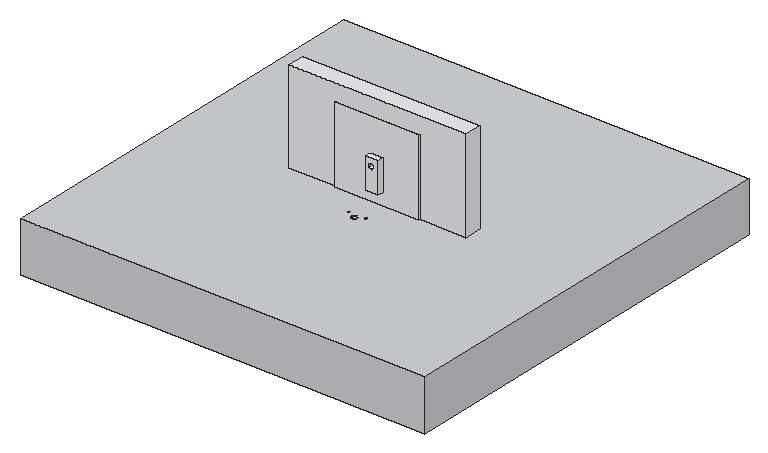
Revit family
Parameters (values of type "9114-WM-CTR")
  Waste Connection = yes
  WFU = 2
  Vent Connection = no
  URL = "http://www.neo-metro.com/"
  Type Comments = ""
  Satin Overflow Waste Plate (Standard) = yes
  High Polish Overflow Waste Plate (Non-standard) = no
  Dyson Airblade™ Tap AB11 Wall (Wall Mounted Faucet) = no
  Dyson Airblade™ Tap AB09 Short (Deck Mounted Faucet) = no
  Creation Date = "12/03/2015"  # constant formula
  Phone# = "626-336-4561"
  Model = "9114-WM-CTR"
  Material = Cast Solid Surface-Neo Metro-Blanco-RDC10
  Manufacturer = "Neo-Metro"
  HWFU = 1.5
  HW Connection = yes
  Designed By = "Allied Technical Services"  # constant formula
  Description = "42\" Wall Mounted Solid Surface Deck with Integrated Basin"
  Default Elevation = 34"
  CWFU = 1.5
  CW Connection = yes
  Assembly Code = "D2010310"
  -MC-FLR - Commercial Floor Mounted Arm/Carrier (Required for commercial application - requires 2" x 6" wall construction) = no
  -MC - Standard Arm/Wall Mounted Carrier (suggested for residential/light commercial applications) = no
  -H38 - 8" Centerset (203 mm) = no
  -H36 - 6" Centerset (152 mm) = no
  -H1 - Single Hole (Centered) = no
  -H0 - No Faucet Hole (For wall mounted faucet) = no
  -CTR - Centered Basin (Only option) = yes
  - RDC16 Anise (Black) = no
  - RDC14 Grey Goose (Gray) = no
  - RDC10 Blanco (White) = no
Reference planes (in)
  plane 1 "Center (Front/Back)": y = 0
  plane 2: z = 0
  plane 3 "Center (Left/Right)": x = 0
  plane 4: z = 18
  plane 5: x = -27.5
  plane 6: y = -2
  plane 7: y = 2
  plane 8: z = 22
  plane 9: z = 4
  plane 10: z = 18
  plane 11: y = -32
  plane 12: y = -9
  plane 13: x = 2
  plane 14: x = -2
  plane 15: x = 0
  plane 16: x = 21
  plane 17: x = -21
Forms (in)
  Extrusion 1, solid
    sketch origin (0, 0, 0) x (1, 0, 0) y (0, 1, 0)
      loop
        line (-48, 48) -> (-48, -48) -> (48, -48) -> (48, 48) -> (-48, 48)
    from 0 to -12
  Extrusion 2, solid, material "Cast Solid Surface-Neo Metro-Blanco-RDC10" <- "Material"
    sketch origin (-27.5, -24.82566, 0) x (0, 1, 0) y (0, 0, 1)
      loop
        line (26.82566, 0) -> (26.82566, 22) -> (22.82566, 22) -> (22.82566, 0) -> (26.82566, 0)
    from 6.5 to 48.5
  Extrusion 3, solid, material "Cast Solid Surface-Neo Metro-Blanco-RDC10" <- "Material"
    sketch origin (0, -24.82566, 0) x (0, 1, 0) y (0, 0, -1)
      loop
        line (22.82566, -18) -> (22.82566, 0) -> (22.57566, 0) -> (22.57566, -18) -> (22.82566, -18)
    from -10.00781 to 9.99219
  Extrusion 4, solid, material "Cast Solid Surface-Neo Metro-Blanco-RDC10" <- "Material"
    sketch origin (1.5, -24.82566, 0) x (0, 1, 0) y (0, 0, -1)
      loop
        line (22.82566, -10.26418) -> (22.82566, -2.76418) -> (21.07566, -2.94812) -> (21.07566, -10.26418) -> (22.82566, -10.26418)
    from 0 to 3
  Blend 5, solid, material "Cast Solid Surface-Neo Metro-Blanco-RDC10" <- "Material"
    base sketch origin (0, -24.82566, 4) x (-1, 0, 0) y (0, -1, 0)
      loop
        line (-0.625, -26.73258) -> (0.625, -26.73258) -> (0.625, -25.98258) -> (-0.625, -25.98258) -> (-0.625, -26.73258)
    top sketch origin (0, -24.82566, 4) x (-1, 0, 0) y (0, -1, 0)
      loop
        arc (0.5, -26.17008) -> (0.48169, -26.12588) -> (0.4375, -26.10758) r 0.0625
        line (0.4375, -26.10758) -> (-0.4375, -26.10758)
        arc (-0.4375, -26.10758) -> (-0.48169, -26.12588) -> (-0.5, -26.17008) r 0.0625
        line (-0.5, -26.17008) -> (-0.5, -26.54508)
        arc (-0.5, -26.54508) -> (-0.48169, -26.58927) -> (-0.4375, -26.60758) r 0.0625
        line (-0.4375, -26.60758) -> (0.4375, -26.60758)
        arc (0.4375, -26.60758) -> (0.48169, -26.58927) -> (0.5, -26.54508) r 0.0625
        line (0.5, -26.54508) -> (0.5, -26.17008)
    from 0 to 0.214
  Extrusion 6, void
    sketch origin (24.5, -2, 0.02026) x (0, 0, -1) y (-1, 0, 0)
      loop
        arc (-17.97974, 16.5) -> (-17.83329, 16.14645) -> (-17.47974, 16) r 0.5
        line (-17.47974, 16) -> (-4.47974, 16)
        arc (-4.47974, 16) -> (-4.12619, 16.14645) -> (-3.97974, 16.5) r 0.5
        line (-3.97974, 16.5) -> (-3.97974, 32.5)
        arc (-3.97974, 32.5) -> (-4.12619, 32.85355) -> (-4.47974, 33) r 0.5
        line (-4.47974, 33) -> (-17.47974, 33)
        arc (-17.47974, 33) -> (-17.83329, 32.85355) -> (-17.97974, 32.5) r 0.5
        line (-17.97974, 32.5) -> (-17.97974, 16.5)
    from 0.90692 to 4.85277
  Revolve 7, void
    sketch origin (6.5, -24.82566, 8.5) x (0, 1, 0) y (-1, 0, 0)
      loop
        line (23.6205, 6.5) -> (23.6205, 6.875) -> (23.6205, 6.99924) -> (23.78739, 7.125) -> (20.45757, 7.125) -> (20.45757, 6.5) -> (23.6205, 6.5)
      axis (20.45757, 6.5) -> (23.78739, 6.5)
    angle from 0 to 360
  Extrusion 8, solid
    sketch origin (0, 0, 0) x (1, 0, 0) y (0, 1, 0)
      loop
        circle (-2, -8) r 0.1875
      loop
        circle (2, -8) r 0.1875
      loop
        circle (0, -9) r 0.625
    from -0.28339 to 0
Cuts and joins
  Extrusion 6, Revolve 7 cuts Extrusion 2
  Revolve 7 cuts Extrusion 3
  Revolve 7 cuts Extrusion 4
  joined: Extrusion 2, Extrusion 3, Extrusion 4
Dimensions and locks (in)
  plane 7 to plane 6 = 4"
  Extrusion 1 to plane 8 = 22"
  locked: plane 9 to plane 10 at 14
  locked: Blend 5 sketch curve to Blend 5 sketch curve at 1.25
  locked: Blend 5 sketch curve to Blend 5 sketch curve at 1
  locked: Blend 5 sketch curve to Blend 5 sketch curve at 0.75
  locked: Blend 5 sketch curve to Blend 5 sketch curve at 0.5
  "Default Elevation": plane 7 to plane 11
  locked: plane 14 to plane 13 at 4
  locked: Extrusion 6 sketch curve to Extrusion 6 sketch curve at 17
  plane 16 to plane 17 = 42"
  aligned and locked: plane 2 to Extrusion 1
  aligned and locked: level to Extrusion 1
  aligned and locked: plane 10 to Extrusion 6 sketch curve
  aligned and locked: Extrusion 6 sketch curve to plane 9
  aligned and locked: level to Extrusion 8
Automatic sketch dimensions
  Extrusion 1 sketch curve to Extrusion 1 sketch curve = 96"  (x2)
  Extrusion 2 sketch curve to level = 0"
  Extrusion 2 sketch curve to plane 6 = 0"
  Extrusion 2 sketch curve to plane 7 = 0"
  Extrusion 2 sketch curve to plane 8 = 0"
  Extrusion 3 sketch curve to plane 4 = 0"
  Extrusion 3 sketch curve to level = 0"
  Extrusion 3 sketch curve to plane 6 = 0"
  plane 6 to Extrusion 3 sketch curve = 1/4"
  Blend 5 sketch curve to Blend 5 sketch curve = 1/16"  (x3)
  Blend 5 sketch curve to plane 7 = 0.21808"
  Blend 5 sketch curve to Blend 5 sketch curve = 0"
  Extrusion 6 sketch curve to Extrusion 6 sketch curve = 1/2"  (x4)
  Blend 5 sketch curve to plane 7 = 0.09308"
  Extrusion 8 sketch curve to plane 14 = 0"
  Extrusion 8 sketch curve to plane 12 = 0"
  Extrusion 8 sketch curve to plane 15 = 0"
  Extrusion 8 sketch curve to plane 13 = 0"
  plane 12 to Extrusion 8 sketch curve = 1"  (x2)
  plane 6 to Revolve 7 sketch curve = 2.36809"
  Revolve 7 sketch curve to plane 6 = 0.32211"
  Revolve 7 sketch curve to Revolve 7 sketch curve = 0.13135"
  Revolve 7 sketch curve to Revolve 7 sketch curve = 0.34138"
  Revolve 7 sketch curve to Revolve 7 sketch curve = 0.16689"
  Revolve 7 sketch curve to Revolve 7 sketch curve = 5/8"
  Revolve 7 sketch curve to Revolve 7 sketch curve = 1/4"
  Revolve 7 sketch curve to Revolve 7 sketch curve = 0.12424"
  Extrusion 6 sketch curve to Extrusion 2 = 12 1/2"
  Revolve 7 sketch curve to plane 3 "Center (Left/Right)" = 0"  (x2)
  plane 3 "Center (Left/Right)" to Blend 5 sketch curve = 5/8"
  plane 3 "Center (Left/Right)" to Blend 5 sketch curve = 1/2"
  Extrusion 4 sketch curve to Extrusion 4 sketch curve = 1 3/4"
  Extrusion 4 sketch curve to plane 4 = 7.73582"
  level to Extrusion 4 sketch curve = 2.94812"
  Extrusion 4 sketch curve to Extrusion 4 sketch curve = 0.18393"
  Extrusion 4 sketch curve to plane 6 = 0"
  radius of Extrusion 8 sketch curve = 3/16"  (x2)
  radius of Extrusion 8 sketch curve = 5/8"
Connectors (in)
  piping at (0, -9, -0.28339), driven by "WFU"
    settings: on Extrusion 8, index 1
  piping at (-2, -8, -0.28339), driven by "HWFU"
    settings: on Extrusion 8, index 2
  piping at (2, -8, -0.28339), driven by "CWFU"
    settings: on Extrusion 8, index 3
